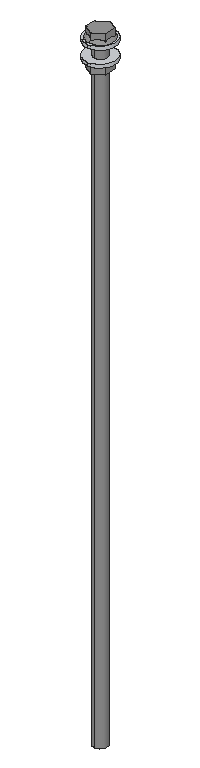
Revit family "060523 - W_P_C - Fastenings - Generic - Lag Bolt or Thru Bolt", category Structural Connections, Revit 2020
Family settings
  Material for Model Behavior = Other
  Work Plane-Based = Yes
  Enable cutting in views = Yes
  Always vertical = No
  Cut with Voids When Loaded = No
  Shared = No
Parameters (values of type "1" Light Pole Anchor Bolt")
  Washer_Thickness = Head Height / 3  # 0' - 0.22396"
  Washer_Nut_Visibility = yes
  Washer_Head_Visibility = yes
  Washer Radius = Radius + Head Height  # 0' - 1 11/64"
  Washer Offset - Head = if(Washer_Head_Visibility, Washer_Thickness, 0' 0")  # 0' - 0.22396"
  Washer Offset = if(Washer_Nut_Visibility, Washer_Thickness, 0' 0")  # 0' - 0.22396"
  Washer Material = none
  Thickness_of_Substrate [instance] = 0' - 1"
  Side = Head Size * 0.57812  # 0' - 0 111/128"
  Round_Head_Visibility = yes
  Radius = Diameter / 2  # 0' - 0 1/2"
  Point Visibility = no
  Nut_Visibility = yes
  Length [instance] = 4' - 0"
  Hex_Head_Visiblilty = yes
  Head Size = 0' - 1 1/2"
  Head Radius = Head Size / 2  # 0' - 0 3/4"
  Head Height = 0' - 0 43/64"
  Double Diameter = Diameter * 2  # 0' - 2"
  Diameter = 0' - 1"
  Default Elevation = 4' - 0"
  Bolt Material (Size) = 5/8" GALV. ANCHOR BOLT @ 24" O.C. (6" MIN. EMBEDMENT)
Types (10): name | Washer_Thickness | Washer_Nut_Visibility | Washer_Head_Visibility | Washer Radius | Washer Offset - Head | Washer Offset | Side | Round_Head_Visibility | Radius | Point Visibility | Nut_Visibility | Length | Hex_Head_Visiblilty | Head Size | Head Radius | Head Height | Double Diameter | Diameter | Bolt Material (Size)
  1" Light Pole Anchor Bolt | 0' - 0.22396" | yes | yes | 0' - 1 11/64" | 0' - 0.22396" | 0' - 0.22396" | 0' - 0 111/128" | yes | 0' - 0 1/2" | no | yes | 4' - 0" | yes | 0' - 1 1/2" | 0' - 0 3/4" | 0' - 0 43/64" | 0' - 2" | 0' - 1" | 5/8" GALV. ANCHOR BOLT @ 24" O.C. (6" MIN. EMBEDMENT)
  Genric Fastener | 0' - 0.05729" | no | no | 0' - 0 15/64" | 0' - 0" | 0' - 0" | 0' - 0.25293" | yes | 0' - 0 1/16" | yes | no | 0' - 2" | no | 0' - 0 7/16" | 0' - 0 7/32" | 0' - 0 11/64" | 0' - 0 1/4" | 0' - 0 1/8" | AT SILL - FASTENER AT 24" O.C.
  GROUND LUG | 0' - 0.22396" | no | no | 0' - 0 59/64" | 0' - 0" | 0' - 0" | 0' - 0 37/64" | no | 0' - 0 1/4" | no | no | 0' - 2" | yes | 0' - 1" | 0' - 0 1/2" | 0' - 0 43/64" | 0' - 1" | 0' - 0 1/2" | GROUND WIRE BOLTED TO POLE'S GROUND LUG
  3/4" x 4" | 0' - 0.16667" | no | no | 0' - 0 7/8" | 0' - 0" | 0' - 0" | 0' - 0.65039" | no | 0' - 0 3/8" | no | yes | 0' - 3" | yes | 0' - 1 1/8" | 0' - 0 9/16" | 0' - 0 1/2" | 0' - 1 1/2" | 0' - 0 3/4" | EXPOSED LAG BOLTS - SEE STRUCT.
  1/2" x 3" | 0' - 0 9/64" | no | no | 0' - 0 43/64" | 0' - 0" | 0' - 0" | 0' - 0 111/256" | no | 0' - 0 1/4" | no | yes | 0' - 3" | yes | 0' - 0 3/4" | 0' - 0 3/8" | 0' - 0 27/64" | 0' - 1" | 0' - 0 1/2" | 1/2" DIA. A325 BOLT AT EACH PURLIN
  METAL STUD - HEAD - GENERIC | 0' - 0.05729" | no | no | 0' - 0 15/64" | 0' - 0" | 0' - 0" | 0' - 0.25293" | yes | 0' - 0 1/16" | yes | no | 0' - 2" | no | 0' - 0 7/16" | 0' - 0 7/32" | 0' - 0 11/64" | 0' - 0 1/4" | 0' - 0 1/8" | AT HEAD FASTENER AT 24" O.C.
  METAL STUD - DRYWALL - GENERIC | 0' - 0.05729" | no | no | 0' - 0 15/64" | 0' - 0" | 0' - 0" | 0' - 0.25293" | yes | 0' - 0 1/16" | yes | no | 0' - 2" | no | 0' - 0 7/16" | 0' - 0 7/32" | 0' - 0 11/64" | 0' - 0 1/4" | 0' - 0 1/8" | ATTACH GYPSUM BOARD TO STUDS AND NOT TO TOP TRACK
  WOOD STUD - DRYWALL - GENERIC | 0' - 0.05729" | no | no | 0' - 0 15/64" | 0' - 0" | 0' - 0" | 0' - 0.25293" | yes | 0' - 0 1/16" | yes | no | 0' - 2" | no | 0' - 0 7/16" | 0' - 0 7/32" | 0' - 0 11/64" | 0' - 0 1/4" | 0' - 0 1/8" | DRYWALL SCREW
  METAL STUD - SILL - GENERIC | 0' - 0.05729" | no | no | 0' - 0 15/64" | 0' - 0" | 0' - 0" | 0' - 0.25293" | yes | 0' - 0 1/16" | yes | no | 0' - 2" | no | 0' - 0 7/16" | 0' - 0 7/32" | 0' - 0 11/64" | 0' - 0 1/4" | 0' - 0 1/8" | AT SILL - FASTENER AT 24" O.C.
  WOOD STUD - SILL - GENERIC | 0' - 0.05729" | no | no | 0' - 0 17/64" | 0' - 0" | 0' - 0" | 0' - 0.25293" | yes | 0' - 0 3/32" | yes | no | 0' - 2" | no | 0' - 0 7/16" | 0' - 0 7/32" | 0' - 0 11/64" | 0' - 0 3/8" | 0' - 0 3/16" | AT SILL - FASTENER AT 24" O.C.
Reference planes (in)
  plane 1 "Center (Front/Back)": y = 0
  plane 2: z = 0
  plane 3 "Center (Left/Right)": x = 0
  plane 4: z = 0.89583
  plane 5 "end": z = -48
  plane 6: y = 0
  plane 7: x = 0
  plane 8: z = -1
  plane 9: z = 0.22396
  plane 10: z = -1.22396
  plane 11: z = 0
  plane 12: through (0, 0, 48) normal (0.866, 0.5, 0)
  plane 13: through (0, 0, 48) normal (0.866, -0.5, 0)
  plane 14: through (0, 0, 48) normal (0.5, -0.866, 0)
  plane 15: through (0, 0, 48) normal (-0.5, -0.866, 0)
  plane 16 "top of rounded head": z = 0.72396
Forms (in)
  Extrusion 1, solid, material "5/8" GALV. ANCHOR BOLT @ 24" O.C. (6" MIN. EMBEDMENT)" <- "Bolt Material (Size)"
    sketch origin (0, 8.71147, 0.22396) x (0, 1, 0) y (-1, 0, 0)
      loop
        circle (-8.71147, 0) r 0.5
    from -48.22396 to 0
Lines and regions (in)
  model lines, style "InvisibleLines"
    curve 1: line (0, -0.64952, 0.89583) -> (0, 0.64952, 0.89583)
    curve 2: line (0.75, 0, 0.89583) -> (-0.75, 0, 0.89583)
  symbolic lines, style "InvisibleLines"
    curve 3: line (0, 0, 0.89583) -> (0, 0, -48)
    curve 4: line (0, 0, 0.89583) -> (0, 0, -48)
Dimensions and locks (in)
  "Head Height": plane 4 to plane 9
  "Length": plane 11 to plane 5 "end"
  "Thickness_of_Substrate": plane 2 to plane 8
  "Washer Offset": plane 8 to plane 10
  "Washer Offset - Head": plane 9 to plane 2
  "Radius": plane 16 "top of rounded head" to plane 9
  "Radius": radius of Extrusion 1 sketch curve
  aligned and locked: plane 2 to level
  aligned and locked: Extrusion 1 to plane 5 "end"
  aligned and locked: plane 7 to curve 1
  aligned and locked: curve 2 to plane 6
  aligned and locked: plane 6 to curve 4
  aligned and locked: plane 11 to level
  aligned and locked: nested 5 to nested 3
Automatic sketch dimensions
  curve 3 to plane 3 "Center (Left/Right)" = 0' - 0"
  curve 3 to plane 5 "end" = 0' - 0"
  curve 3 to plane 4 = 0' - 0"
  curve 4 to plane 5 "end" = 0' - 0"
  curve 4 to plane 4 = 0' - 0"
  curve 1 to curve 2 = 0' - 0.64952"
  curve 2 to curve 1 = 0' - 0.64952"
  curve 2 to nested 1 = 0' - 0"  (x2)
  plane 1 "Center (Front/Back)" to Extrusion 1 sketch curve = 0' - 0"
  Extrusion 1 sketch curve to plane 3 "Center (Left/Right)" = 0' - 0"
Nested families (in)
  nested 1: "Nut" at (0, 0, 0.22396), Diameter <- "Diameter", Head Height <- "Head Height", Head Size <- "Head Size", visible <- "Hex_Head_Visiblilty", type "one"
    with Side 0' - 0 111/128", Radius 0' - 0 1/2", Head Size 0' - 1 1/2", Head Radius 0' - 0 3/4", Head Height 0' - 0 43/64", Diameter 0' - 1"
  nested 2: "Nut" at (0, 0, -1.22396) x (1, 0, 0) z (0, 0, -1), Diameter <- "Diameter", Head Height <- "Head Height", Head Size <- "Head Size", visible <- "Nut_Visibility", type "one"
    with Side 0' - 0 111/128", Radius 0' - 0 1/2", Head Size 0' - 1 1/2", Head Radius 0' - 0 3/4", Head Height 0' - 0 43/64", Diameter 0' - 1"
  nested 3: "Washer" at (0, 0, -1) x (0, -1, 0) z (0, 0, -1), visible <- "Washer_Nut_Visibility", type "one"
    with Washer_Thickness 0' - 0.22396", Washer Radius 0' - 1 11/64"
  nested 4: "Washer" at (0, 0, 0) x (0, -1, 0) z (0, 0, 1), visible <- "Washer_Head_Visibility", type "one"
    with Washer_Thickness 0' - 0.22396", Washer Radius 0' - 1 11/64"
  nested 5: "Bolt Head" at (0, 0, 0.22396) x (0, -1, 0) z (0, 0, 1), Diameter <- "Diameter", Head Size <- "Double Diameter", visible <- "Round_Head_Visibility", type "one"
    with Side 0' - 1 5/32", Radius 0' - 0 1/2", Head Size 0' - 2", Head Radius 0' - 1", Head Height 0' - 0 3/4", Half Radius 0' - 0 1/2", Diameter 0' - 1"
  nested 6: "Point" at (0, 0, -48) x (0, 1, 0) z (0, 0, -1), Diameter <- "Diameter", Head Size <- "Diameter", visible <- "Point Visibility", type "one"
    with Side 0' - 0 37/64", Radius 0' - 0 1/2", Point Height 0' - 1", Head Size 0' - 1", Head Radius 0' - 0 1/2", Head Height 0' - 0 3/4", Diameter 0' - 1"
Definition of nested family "Nut"
  Parameters (values of type "one")
    Side [instance] = Head Size * 0.57812  # 0' - 0 111/256"
    Radius [instance] = Diameter / 2  # 0' - 0 1/4"
    Head Size [instance] = 0' - 0 3/4"
    Head Radius [instance] = Head Size / 2  # 0' - 0 3/8"
    Head Height [instance] = 0' - 0 11/32"
    Diameter [instance] = 0' - 0 1/2"
    Default Elevation = 4' - 0"
    Bolt Material (Size) = none
  Reference planes (in)
    plane 1 "Center (Front/Back)": y = 0
    plane 2: z = 0
    plane 3 "Center (Left/Right)": x = 0
    plane 4: z = 0.34375
    plane 5: y = 0
    plane 6: x = 0
  Forms (in)
    Extrusion 1, solid, material <- "Bolt Material (Size)"
      sketch origin (0, 0, 0) x (1, 0, 0) y (0, 1, 0)
        loop
          line (0, 0.43301) -> (-0.375, 0.21651) -> (-0.375, -0.21651) -> (0, -0.43301) -> (0.375, -0.21651) -> (0.375, 0.21651) -> (0, 0.43301)
      from 0 to 0.34375
  Lines and regions (in)
    symbolic lines
      curve 1: line (0, 0, 0.34375) -> (0, 0, -3)
  Dimensions and locks (in)
    "Head Height": plane 4 to level
    "Head Radius": Extrusion 1 sketch curve to plane 3 "Center (Left/Right)"
    "Head Radius": Extrusion 1 sketch curve to plane 6
    "Head Radius": Extrusion 1 sketch curve to plane 5  (x2)
    locked: Extrusion 1 sketch curve to Extrusion 1 sketch curve (angle 120.00°)  (x5)
    aligned and locked: level to plane 2
    aligned and locked: Extrusion 1 to plane 4
    aligned and locked: plane 5 to curve 1
  Automatic sketch dimensions
    curve 1 to plane 4 = 0' - 0"
    curve 1 to level = 0' - 3"
    Extrusion 1 sketch curve to plane 3 "Center (Left/Right)" = 0' - 0"  (x2)
Definition of nested family "Washer"
  Parameters (values of type "one")
    Washer_Thickness = 0' - 0 1/8"
    Washer Radius = 0' - 0 19/64"
    Default Elevation = 4' - 0"
    Washer Material = none
  Reference planes (in)
    plane 1 "Center (Front/Back)": y = 0
    plane 2: z = 0
    plane 3 "Center (Left/Right)": x = 0
    plane 4: z = 0.125
    plane 5: y = 0
    plane 6: x = 0
  Forms (in)
    Extrusion 1, solid, material <- "Washer Material"
      sketch origin (0, 0, 0) x (1, 0, 0) y (0, 1, 0)
        loop
          circle (0, 0) r 0.29688
      from 0 to 0.125
  Lines and regions (in)
    symbolic lines
      curve 1: line (0, 0, 0.125) -> (0, 0, -3)
  Dimensions and locks (in)
    "Washer_Thickness": plane 2 to plane 4
    "Washer Radius": radius of Extrusion 1 sketch curve
    aligned and locked: level to plane 2
    aligned and locked: Extrusion 1 to plane 4
    aligned and locked: plane 5 to curve 1
  Automatic sketch dimensions
    curve 1 to plane 4 = 0' - 0"
    curve 1 to level = 0' - 3"
    plane 1 "Center (Front/Back)" to Extrusion 1 sketch curve = 0' - 0"
    Extrusion 1 sketch curve to plane 3 "Center (Left/Right)" = 0' - 0"
Definition of nested family "Bolt Head"
  Parameters (values of type "one")
    Side [instance] = Head Size * 0.57812  # 0' - 0.9128"
    Radius [instance] = Diameter / 2  # 0' - 0 1/4"
    Head Size [instance] = 0' - 1.5789"
    Head Radius [instance] = Head Size / 2  # 0' - 0.78945"
    Head Height [instance] = 0' - 0 3/4"
    Half Radius [instance] = Head Radius / 2  # 0' - 0.39472"
    Diameter [instance] = 0' - 0 1/2"
    Default Elevation = 4' - 0"
    Bolt Material (Size) = none
  Reference planes (in)
    plane 1 "Center (Front/Back)": y = 0
    plane 2: z = 0
    plane 3 "Center (Left/Right)": x = 0
    plane 4: y = 0
    plane 5: x = 0
    plane 6: x = 0.78945
    plane 7: z = 0.39472
  Forms (in)
    Revolve 1, solid, material <- "Bolt Material (Size)"
      sketch origin (0, 0, 0) x (1, 0, 0) y (0, 0, 1)
        loop
          line (0, 0.39472) -> (0, 0) -> (0.78945, 0)
          arc (0.78945, 0) -> (0.4761, 0.28968) -> (0.0625, 0.39472) r 0.86676
          line (0.0625, 0.39472) -> (0, 0.39472)
        axis (0, 0) -> (0, 0.39472)
      angle from 0 to 360
  Lines and regions (in)
    symbolic lines
      curve 1: line (0, 0, 0.75) -> (0, 0, -3)
  Dimensions and locks (in)
    "Head Radius": plane 6 to plane 5
    locked: Revolve 1 sketch curve to plane 5 at 0.0625
    "Half Radius": plane 2 to plane 7
    aligned and locked: level to plane 2
    aligned and locked: plane 4 to curve 1
    aligned and locked: plane 7 to Revolve 1 sketch curve
  Automatic sketch dimensions
    curve 1 to level = 0' - 3"
    plane 7 to curve 1 = 0' - 0.35528"
    Revolve 1 sketch curve to plane 3 "Center (Left/Right)" = 0' - 0"  (x2)
    Revolve 1 sketch curve to level = 0' - 0"
    plane 6 to Revolve 1 sketch curve = 0' - 0"
    level to Revolve 1 sketch curve = 0' - 0.05843"
    plane 7 to Revolve 1 sketch curve = 0' - 0.51153"
Definition of nested family "Point"
  Parameters (values of type "one")
    Side [instance] = Head Size * 0.57812  # 0' - 0.9128"
    Radius [instance] = Diameter / 2  # 0' - 0 1/4"
    Head Size [instance] = 0' - 1.5789"
    Head Radius [instance] = Head Size / 2  # 0' - 0.78945"
    Head Height [instance] = 0' - 0 3/4"
    Point Height [instance] = Head Radius * 2  # 0' - 1.5789"
    Diameter [instance] = 0' - 0 1/2"
    Default Elevation = 4' - 0"
    Point Material (Size) = none
  Reference planes (in)
    plane 1 "Center (Front/Back)": y = 0
    plane 2: z = 0
    plane 3 "Center (Left/Right)": x = 0
    plane 4: y = 0
    plane 5: x = 0
    plane 6: x = 0.78945
    plane 7: z = 1.5789
  Forms (in)
    Revolve 1, solid, material <- "Point Material (Size)"
      sketch origin (0, 0, 0) x (1, 0, 0) y (0, 0, 1)
        loop
          line (0, 1.5789) -> (0, 0) -> (0.78945, 0) -> (0, 1.5789)
        axis (0, 0) -> (0, 1.5789)
      angle from 0 to 360
  Lines and regions (in)
    symbolic lines
      curve 1: line (0, 0, 1.93417) -> (0, 0, -3)
  Dimensions and locks (in)
    "Head Radius": plane 6 to plane 5
    "Point Height": plane 2 to plane 7
    aligned and locked: level to plane 2
    aligned and locked: plane 4 to curve 1
  Automatic sketch dimensions
    curve 1 to level = 0' - 3"
    plane 7 to curve 1 = 0' - 0.35528"
    Revolve 1 sketch curve to plane 3 "Center (Left/Right)" = 0' - 0"  (x2)
    Revolve 1 sketch curve to level = 0' - 0"
    plane 6 to Revolve 1 sketch curve = 0' - 0"
    level to Revolve 1 sketch curve = 0' - 0.05843"
    plane 7 to Revolve 1 sketch curve = 0' - 0.51153"
    Revolve 1 sketch curve to plane 7 = 0' - 0"
Types in the file's own list only (19): name | Washer_Thickness | Washer Radius | Washer Offset - Head | Washer Offset | Side | Radius | Head Size | Head Radius | Head Height | Double Diameter | Diameter
  1/4 | 0' - 0 1/16" | 0' - 0 5/16" | 0' - 0 1/16" | 0' - 0 1/16" | 0' - 0 1/4" | 0' - 0 1/8" | 0' - 0 7/16" | 0' - 0 7/32" | 0' - 0 3/16" | 0' - 0 1/2" | 0' - 0 1/4"
  5/16 | 0' - 0 1/16" | 0' - 0 3/8" | 0' - 0 1/16" | 0' - 0 1/16" | 0' - 0 9/32" | 0' - 0 5/32" | 0' - 0 1/2" | 0' - 0 1/4" | 0' - 0 7/32" | 0' - 0 5/8" | 0' - 0 5/16"
  3/8 | 0' - 0 3/32" | 0' - 0 7/16" | 0' - 0 3/32" | 0' - 0 3/32" | 0' - 0 5/16" | 0' - 0 3/16" | 0' - 0 9/16" | 0' - 0 9/32" | 0' - 0 1/4" | 0' - 0 3/4" | 0' - 0 3/8"
  7/16_not common | 0' - 0 3/32" | 0' - 0 17/32" | 0' - 0 3/32" | 0' - 0 3/32" | 0' - 0 3/8" | 0' - 0 7/32" | 0' - 0 5/8" | 0' - 0 5/16" | 0' - 0 5/16" | 0' - 0 7/8" | 0' - 0 7/16"
  1/2 | 0' - 0 1/8" | 0' - 0 5/8" | 0' - 0 1/8" | 0' - 0 1/8" | 0' - 0 7/16" | 0' - 0 1/4" | 0' - 0 3/4" | 0' - 0 3/8" | 0' - 0 3/8" | 0' - 1 1/32" | 0' - 0 1/2"
  5/8 | 0' - 0 5/32" | 0' - 0 3/4" | 0' - 0 5/32" | 0' - 0 5/32" | 0' - 0 17/32" | 0' - 0 5/16" | 0' - 0 15/16" | 0' - 0 15/32" | 0' - 0 7/16" | 0' - 1 9/32" | 0' - 0 21/32"
  3/4 | 0' - 0 3/16" | 0' - 0 29/32" | 0' - 0 3/16" | 0' - 0 3/16" | 0' - 0 21/32" | 0' - 0 3/8" | 0' - 1 1/8" | 0' - 0 9/16" | 0' - 0 17/32" | 0' - 1 17/32" | 0' - 0 25/32"
  7/8 | 0' - 0 3/16" | 0' - 1 1/16" | 0' - 0 3/16" | 0' - 0 3/16" | 0' - 0 3/4" | 0' - 0 7/16" | 0' - 1 5/16" | 0' - 0 21/32" | 0' - 0 19/32" | 0' - 1 25/32" | 0' - 0 29/32"
  1 | 0' - 0 7/32" | 0' - 1 7/32" | 0' - 0 7/32" | 0' - 0 7/32" | 0' - 0 7/8" | 0' - 0 1/2" | 0' - 1 1/2" | 0' - 0 3/4" | 0' - 0 11/16" | 0' - 2 1/32" | 0' - 1 1/32"
  1 1/8 | 0' - 0 1/4" | 0' - 1 11/32" | 0' - 0 1/4" | 0' - 0 1/4" | 0' - 0 31/32" | 0' - 0 9/16" | 0' - 1 11/16" | 0' - 0 27/32" | 0' - 0 25/32" | 0' - 2 5/16" | 0' - 1 5/32"
  1 1/4 | 0' - 0 9/32" | 0' - 1 1/2" | 0' - 0 9/32" | 0' - 0 9/32" | 0' - 1 3/32" | 0' - 0 5/8" | 0' - 1 7/8" | 0' - 0 15/16" | 0' - 0 7/8" | 0' - 2 9/16" | 0' - 1 9/32"
  1 3/8 | 0' - 0 5/16" | 0' - 1 21/32" | 0' - 0 5/16" | 0' - 0 5/16" | 0' - 1 3/16" | 0' - 0 11/16" | 0' - 2 1/16" | 0' - 1 1/32" | 0' - 0 15/16" | 0' - 2 13/16" | 0' - 1 13/32"
  1 1/2 | 0' - 0 11/32" | 0' - 1 13/16" | 0' - 0 11/32" | 0' - 0 11/32" | 0' - 1 5/16" | 0' - 0 3/4" | 0' - 2 1/4" | 0' - 1 1/8" | 0' - 1 1/32" | 0' - 3 1/16" | 0' - 1 17/32"
  1 5/8 | 0' - 0 3/8" | 0' - 1 15/16" | 0' - 0 3/8" | 0' - 0 3/8" | 0' - 1 13/32" | 0' - 0 27/32" | 0' - 2 7/16" | 0' - 1 7/32" | 0' - 1 1/8" | 0' - 3 5/16" | 0' - 1 21/32"
  1 3/4 | 0' - 0 13/32" | 0' - 2 3/32" | 0' - 0 13/32" | 0' - 0 13/32" | 0' - 1 17/32" | 0' - 0 29/32" | 0' - 2 5/8" | 0' - 1 5/16" | 0' - 1 3/16" | 0' - 3 9/16" | 0' - 1 25/32"
  1 7/8 | 0' - 0 7/16" | 0' - 2 7/32" | 0' - 0 7/16" | 0' - 0 7/16" | 0' - 1 5/8" | 0' - 0 31/32" | 0' - 2 13/16" | 0' - 1 13/32" | 0' - 1 9/32" | 0' - 3 13/16" | 0' - 1 29/32"
  2 | 0' - 0 15/32" | 0' - 2 13/32" | 0' - 0 15/32" | 0' - 0 15/32" | 0' - 1 3/4" | 0' - 1 1/32" | 0' - 3" | 0' - 1 1/2" | 0' - 1 3/8" | 0' - 4 1/16" | 0' - 2 1/32"
  2 1/4 | 0' - 0 17/32" | 0' - 2 11/16" | 0' - 0 17/32" | 0' - 0 17/32" | 0' - 1 15/16" | 0' - 1 5/32" | 0' - 3 3/8" | 0' - 1 11/16" | 0' - 1 9/16" | 0' - 4 5/8" | 0' - 2 5/16"
  2 1/2 | 0' - 0 9/16" | 0' - 3" | 0' - 0 9/16" | 0' - 0 9/16" | 0' - 2 5/32" | 0' - 1 9/32" | 0' - 3 3/4" | 0' - 1 7/8" | 0' - 1 23/32" | 0' - 5 1/8" | 0' - 2 9/16"
